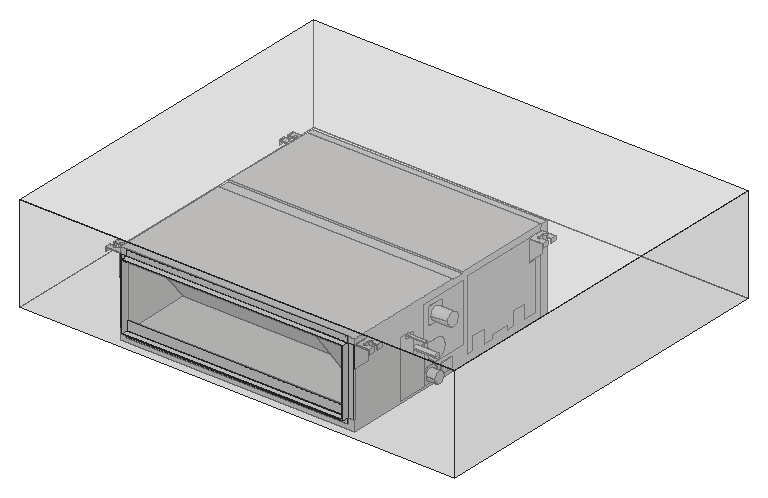
Revit family "outputfile", category 機械設備, Revit 2024
Family settings
  丸型コネクタ寸法 = 半径を使用
  パーツ タイプ = 標準
  OmniClass 番号 = 23.75.10.24.21.27.27
  OmniClass タイトル = Split System Air Conditioning Units
  作業面ベース = いいえ
  常に垂直 = はい
  ロード時にボイドで切り取り = いいえ
  注釈の向きを維持 = いいえ
  共有 = いいえ
  部屋計算ポイント = はい
Parameters (values of type "FDMC50AV1M")
  Description = ""
  書き出し IFC クラス(タイプ) = "IfcUnitaryEquipmentType"
  定義済み IFC タイプ(タイプ) = "AIRCONDITIONINGUNIT"
  Cost = 0
  Type Comments = ""
  Keynote = ""
  Type Image = (empty or 0)
  Assembly Code = ""
  switch_frequency = yes
  connector_voltage = Voltage_50Hz  # 230 V
  connector_powerinput = [Power Input (Cooling)]  # 1.750 kW
  connector_phase = Phase_50Hz  # 1
  URL = ""
  Supply Air Direction [instance] = yes
  製造元 = "Daikin"
  モデル = "FDMC50AV1M"
  w_pipe = 33 mm
  r_Liquid Pipe Size = Liquid Pipe Size / 2  # 3.2 mm
  r_Gas Pipe Size = Gas Pipe Size / 2  # 6.35 mm
  r_Drain Pipe Size = Drain Pipe Size / 2  # 16.0 mm
  lw_powersupply = Width / 2  # 350 mm
  lw_ductflange2 = 662 mm
  lw_Width = 662 mm
  lh_suctionflange [instance] = 100 mm
  ld_suctionflange [instance] = 190 mm
  ld_powersupply = 263 mm
  angle_vertical_RA [instance] = 90.00°
  angle horizontal_RA [instance] = 180.00°
  Voltage_comment_50Hz = "220 - 240"
  Voltage_50Hz = 230 V
  Sound Power Level_H speed (dB) = 0
  RA_length = 190 mm  # constant formula
  Phase_50Hz = 1
  Minimum External Static Pressure = 17.00 Pa
  Minimum Circuit Amps_50Hz = 13.0 A
  Maximum Fuse Amps_50Hz = 16.0 A
  Maximum External Static Pressure = 22.00 Pa
  Material_Casing = DAIKIN_GalvanizedSteel_Casing_indoorunit
  lw_liquidpipe = 407.9 mm
  lw_gaspipe = 417.5 mm
  lw_mountinghole_pitch = 746 mm
  lw_mountinghole = 20 mm
  lw_drainpipe = 376 mm
  lh_powersupply = 43.2 mm
  lh_liquidpipe = 175 mm
  lh_gaspipe = 128 mm
  lh_mountinghole = Height + [h***] - 15 mm  # 235 mm
  lh_drainpipe = 29 mm
  lh_antena = (Height - lh_mountinghole) + 1 mm  # 16 mm
  ld_liquidpipe = 153 mm
  ld_gaspipe = 123 mm
  ld_mountinghole_pitch = 651 mm
  ld_drainpipe = 64 mm
  ld_controlbox = 626 mm
  h*** = 0 mm  # constant formula
  d_dischargeflange = 20 mm  # constant formula
  Width = 700 mm
  Version = "ver.1.0"
  Unit Type = "Duct"
  Unit Mass Weight = 24.00 kg
  Unit Designation [instance] = ""
  Uniclass2015Version = "Products v1.30"
  Uniclass2015Title = "Split coil room air conditioning units"
  Uniclass2015Code = "Pr_70_65_03_86"
  Total Cooling Capacity [instance] = 0.000 kW
  Sound Pressure Level_M speed (dBA) = 37
  Sound Pressure Level_L speed (dBA) = 34
  Sound Pressure Level_H speed (dBA) = 40
  Series = "SkyAir_Fan Coil Unit"
  Sensible Cooling Capacity [instance] = 0.000 kW
  SA Duct Size Width = 662 mm
  SA Duct Size Height = 200 mm
  Refrigerant Type = "R32"
  RA Duct Size Width = 662 mm
  RA Duct Size Height = 214 mm
  Power Input (Cooling) = 1.750 kW
  Option Accessory 3 [instance] = ""
  Option Accessory 2 [instance] = ""
  Option Accessory 1 [instance] = ""
  Nominal Cooling Capacity = 5.420 kW
  Minimum Airflow = 731.00 m³/h
  Median Airflow = 892.00 m³/h
  Maximum Airflow = 1002.00 m³/h
  Load Classification = HVAC
  Liquid Pipe Size = 6.4 mm
  Link_Nested Family [instance] = ""
  IfcVersion = ""
  IfcExportType = "AIRCONDITIONINGUNIT"
  IfcExportAs = "IfcUnitaryEquipmentType"
  Height = 250 mm
  Heat Exchanger Type = "Cross Fin Coil"
  Gas Pipe Size = 12.7 mm
  Frequency_50Hz = 50 Hz
  Fan Type = "Sirocco Fan"
  Fan Drive = "-"
  FCU Tag No. [instance] = ""
  Drain Pipe Size = 32.0 mm
  Design Supply Airflow [instance] = 0.00 m³/h
  Design Return Airflow [instance] = 0.00 m³/h
  Design External Static Pressure [instance] = 0.00 Pa
  Depth = 700 mm
  既定の高さ = 0 mm
  Cooling Entering Wet Bulb Temperature [instance] = 0.00 °C
  Cooling Entering Dry Bulb Temperature [instance] = 0.00 °C
  Cooling Ambient Wet Bulb Temperature [instance] = 0.00 °C
  Cooling Ambient Dry Bulb Temperature [instance] = 0.00 °C
  Clearance visibility [instance] = yes
  Clearance Top = 20 mm
  Clearance Right = 300 mm
  Clearance Rear = 400 mm
  Clearance Left = 300 mm
  Clearance Front = 0 mm
  Clearance Bottom = 20 mm
Reference planes
  plane 1 "Center (Front/Back)": y = 0
  plane 2: z = 0
  plane 3 "Center (Left/Right)": x = 0
  plane 4 "Back": y = 350
  plane 5 "Front": y = -350
  plane 6 "Left": x = -350
  plane 7 "Right": x = 350
  plane 8 "Top": z = 0
  plane 9 "Bottom": z = -250
  plane 10: x = 331
  plane 11: x = -330.2
  plane 12: z = -72
  plane 13: z = -75
  plane 14: z = -122
  plane 15: x = -304
  plane 16: x = 304
  plane 17: x = -373
  plane 18: x = 373
  plane 19: x = 407.9
  plane 20: x = 417.5
  plane 21: z = -15
  plane 22 "Clearance Left": x = -650
  plane 23 "Clearance Right": x = 650
  plane 24 "Clearance Rear": y = 750
  plane 25 "Clearance Front": y = -350
  plane 26 "Clearance Bottom": z = -270
  plane 27: z = -21
  plane 28: z = -221
  plane 29: y = -123
  plane 30: y = -153
  plane 31: y = -30
  plane 32: y = -64
  plane 33: z = -118
  plane 34: y = -349.2
  plane 35: z = -150
  plane 36: y = 160
  plane 37: z = -151
  plane 38: x = 376
  plane 39: x = 345
  plane 40: x = 215.5
  plane 41: z = 102.5
  plane 42: y = 325.5
  plane 43: y = -325.5
  plane 44: y = 17.5
  plane 45: y = 57
  plane 46: x = 353.2
  plane 47: x = 355.2
  plane 48: y = -370
  plane 49: y = 390
  plane 50: z = -125
  plane 51: z = -70.5
  plane 52: z = -75.133
  plane 53: z = -75.5
  plane 54: z = -126.5
  plane 55: z = -239.8
  plane 56: z = -22.5
  plane 57: z = -192.5
  plane 58: z = -16
  plane 59 "Clearance Top": z = 20
  plane 60: z = -206.8
  plane 61: y = 263
  plane 62: y = -200
  plane 63: y = -300
  plane 64: y = -140
Forms (mm)
  Extrusion 1, solid, material "DAIKIN_GalvanizedSteel_Casing_indoorunit" <- "Material_Casing"
    sketch origin (0, 0, 0) x (1, 0, 0) y (0, 1, 0)
      loop
        line (-350, -349.2) -> (350, -349.2) -> (350, 350) -> (-350, 350) -> (-350, -349.2)
    from -250 to 0
  Extrusion 2, void
    sketch origin (0, 0, 1) x (1, 0, 0) y (0, 1, 0)
      loop
        line (-350, 57) -> (-350, 17.5) -> (350, 17.5) -> (350, 57) -> (-350, 57)
    from -1 to -5
  Extrusion 3, void
    sketch origin (0, 0, 0) x (0, 1, 0) y (0, 0, 1)
      loop
        line (-91.914, -222) -> (-91.914, -246.5) -> (-36.314, -246.5) -> (-36.314, -219.481)
        arc (-36.314, -219.481) -> (-65.261, -194.229) -> (-91.8, -222) r 27.8
    from 350 to 345
  Revolve 4, solid, material "DAIKIN_GalvanizedSteel_Casing_indoorunit" <- "Material_Casing"
    sketch origin (0, 0, -122) x (0, -1, 0) y (1, 0, 0)
      loop
        line (116.65, 350) -> (123, 350) -> (123, 417.5) -> (116.65, 417.5) -> (116.65, 350)
      axis (123, 350) -> (123, 417.5)
    angle from 0 to 360
  Revolve 5, solid, material "DAIKIN_GalvanizedSteel_Casing_indoorunit" <- "Material_Casing"
    sketch origin (0, 0, -75) x (0, -1, 0) y (1, 0, 0)
      loop
        line (153, 350) -> (153, 407.9) -> (149.8, 407.9) -> (149.8, 350) -> (153, 350)
      axis (153, 407.9) -> (153, 350)
    angle from 0 to 360
  Extrusion 6, solid, material "DAIKIN_GalvanizedSteel_Casing_indoorunit" <- "Material_Casing"
    sketch origin (0, 0, 0) x (0, 1, 0) y (0, 0, 1)
      loop
        circle (-64, -221) r 16
    from 376 to 350
  Extrusion 7, solid, material "DAIKIN_GalvanizedSteel_Casing_indoorunit" <- "Material_Casing"
    sketch origin (0, 0, 0) x (0, 1, 0) y (0, 0, 1)
      loop
        line (-180, -70.5) -> (-180, -239.8) -> (-95, -239.8) -> (-95, -126.5) -> (-107, -126.5)
        arc (-107, -126.5) -> (-121.5, -141) -> (-136, -126.5) r 14.5
        line (-136, -126.5) -> (-136, -75.5) -> (-141.006, -75.5)
        arc (-141.006, -75.5) -> (-153.184, -87.131) -> (-165, -75.133) r 12
        line (-165, -75.133) -> (-165, -70.5) -> (-180, -70.5)
      loop
        line (-92, -22.5) -> (-92, -192.5) -> (54, -192.5) -> (54, -22.5) -> (-92, -22.5)
      loop
        line (71, -16) -> (71, -224.802) -> (87.805, -224.802) -> (87.805, -184.607) -> (134.195, -184.606) -> (134.195, -224.802) -> (161, -224.802) -> (161, -212.302) -> (221, -212.303) -> (221, -224.802) -> (239.805, -224.802) -> (239.805, -184.606) -> (286.195, -184.606) -> (286.195, -224.802) -> (321.994, -224.802) -> (321.994, -82) -> (298.5, -82) -> (298.5, -16) -> (71, -16)
    from 350 to 353.2
  Extrusion 8, solid, material "DAIKIN_GalvanizedSteel_Casing_indoorunit" <- "Material_Casing"
    sketch origin (0, 0, 0) x (0, 1, 0) y (0, 0, 1)
      loop
        line (-27.5, -74.5) -> (-27.5, -41.5)
        arc (-27.5, -41.5) -> (-30.136, -35.136) -> (-36.5, -32.5) r 9
        line (-36.5, -32.5) -> (-69.5, -32.5)
        arc (-69.5, -32.5) -> (-75.864, -35.136) -> (-78.5, -41.5) r 9
        line (-78.5, -41.5) -> (-78.5, -74.5)
        arc (-78.5, -74.5) -> (-75.864, -80.864) -> (-69.5, -83.5) r 9
        line (-69.5, -83.5) -> (-36.5, -83.5)
        arc (-36.5, -83.5) -> (-30.136, -80.864) -> (-27.5, -74.5) r 9
      loop
        arc (8, -234.5) -> (9.415, -233.914) -> (10.001, -232.499) r 2.001
        line (10.001, -232.499) -> (9.997, -206.503)
        arc (9.997, -206.503) -> (9.412, -205.091) -> (8, -204.506) r 1.997
        line (8, -204.506) -> (-25.997, -204.506)
        arc (-25.997, -204.506) -> (-27.415, -205.094) -> (-28.002, -206.511) r 2.005
        line (-28.002, -206.511) -> (-28.002, -232.499)
        arc (-28.002, -232.499) -> (-27.416, -233.914) -> (-26.001, -234.5) r 2.001
        line (-26.001, -234.5) -> (8, -234.5)
      loop
        arc (-77.358, -152.358) -> (-25.548, -177.591) -> (-59.394, -130.95) r 29.7
        arc (-59.394, -130.95) -> (-62.843, -131.688) -> (-66.339, -131.219) r 10.3
        line (-66.339, -131.219) -> (-72.946, -129.136)
        arc (-72.946, -129.136) -> (-80.627, -131.374) -> (-81.498, -139.327) r 7.2
        line (-81.498, -139.327) -> (-78.299, -145.472)
        arc (-78.299, -145.472) -> (-77.23, -148.833) -> (-77.358, -152.358) r 10.3
    from 350 to 355.2
  Extrusion 9, solid, material "DAIKIN_GalvanizedSteel_Casing_indoorunit" <- "Material_Casing"
    sketch origin (0, 0, 0) x (0, 1, 0) y (0, 0, 1)
      loop
        circle (-53, -58) r 18.9
    from 350 to 407.9
  Extrusion 10, void
    sketch origin (0, 0, 0) x (0, 1, 0) y (0, 0, 1)
      loop
        line (-350, -18.8) -> (-350, -217.2) -> (-200, -217.2) -> (-349.2, -18.8) -> (-350, -18.8)
    from -330.2 to 331
  Extrusion 11, void
    sketch origin (0, 0, 0) x (0, 1, 0) y (0, 0, 1)
      loop
        line (-350, -18.8) -> (-350, -217.2) -> (-140, -217.2) -> (-300, -18.8) -> (-350, -18.8)
    from -330.2 to 215.5
Cuts and joins
  Extrusion 2, Extrusion 3, Extrusion 10, Extrusion 11 cuts Extrusion 1
  joined: Extrusion 7, Extrusion 8, Extrusion 9
Dimensions and locks
  "Height": plane 8 "Top" to plane 9 "Bottom"
  equal spacing: plane 15, plane 3 "Center (Left/Right)", plane 16, locked at 304 each
  locked: plane 15 to plane 16 at 608
  equal spacing: plane 17, plane 3 "Center (Left/Right)", plane 18
  "lw_mountinghole_pitch": plane 17 to plane 18
  locked: plane 12 to plane 9 "Bottom" at 178
  "lh_liquidpipe": plane 13 to plane 9 "Bottom"
  "lh_gaspipe": plane 14 to plane 9 "Bottom"
  "lh_mountinghole": plane 21 to plane 9 "Bottom"
  equal spacing: plane 6 "Left", plane 3 "Center (Left/Right)", plane 7 "Right"
  "Width": plane 6 "Left" to plane 7 "Right"
  "Clearance Right": plane 7 "Right" to plane 23 "Clearance Right"
  "Clearance Left": plane 22 "Clearance Left" to plane 6 "Left"
  "Clearance Rear": plane 24 "Clearance Rear" to plane 4 "Back"
  "Clearance Front": plane 5 "Front" to plane 25 "Clearance Front"
  locked: plane 8 "Top" to plane 27 at 21
  "Depth": plane 4 "Back" to plane 5 "Front"
  equal spacing: plane 4 "Back", plane 1 "Center (Front/Back)", plane 5 "Front"
  "ld_suctionflange": plane 4 "Back" to plane 36
  locked: plane 37 to plane 9 "Bottom" at 99
  plane 7 "Right" to plane 40 = 134.5 mm
  "r_Gas Pipe Size": nested 6 to Revolve 4 sketch curve
  "r_Liquid Pipe Size": nested 5 to Revolve 5 sketch curve
  equal spacing: plane 42, plane 1 "Center (Front/Back)", plane 43
  "ld_mountinghole_pitch": plane 42 to plane 43
  locked: plane 33 to plane 9 "Bottom" at 132
  "lw_liquidpipe": plane 3 "Center (Left/Right)" to plane 19
  "lw_gaspipe": plane 3 "Center (Left/Right)" to plane 20
  "lw_drainpipe": plane 3 "Center (Left/Right)" to plane 38
  "ld_drainpipe": plane 32 to plane 1 "Center (Front/Back)"
  "ld_gaspipe": plane 29 to plane 1 "Center (Front/Back)"
  "ld_liquidpipe": plane 30 to plane 1 "Center (Front/Back)"
  "lh_drainpipe": plane 28 to plane 9 "Bottom"
  locked: plane 7 "Right" to plane 46 at 3.2
  locked: plane 46 to plane 47 at 2
  equal spacing: plane 8 "Top", plane 50, plane 9 "Bottom"
  plane 51 to plane 52 to plane 53 to plane 54 to plane 55 = 4.633 mm locked, 0.367 mm locked, 51 mm locked, 113.3 mm locked
  plane 8 "Top" to plane 56 to plane 57 = 22.5 mm locked, 170 mm locked
  locked: plane 8 "Top" to plane 58 at 16
  locked: plane 40 to plane 10 at 115.5
  locked: plane 17 to plane 11 at 42.8
  locked: plane 39 to plane 7 "Right" at 5
  "Clearance Top": plane 59 "Clearance Top" to plane 8 "Top"
  "Clearance Bottom": plane 9 "Bottom" to plane 26 "Clearance Bottom"
  "lh_powersupply": plane 60 to plane 9 "Bottom"
  "ld_powersupply": plane 61 to plane 1 "Center (Front/Back)"
  locked: plane 34 to plane 5 "Front" at 0.8
  locked: plane 5 "Front" to plane 48 at 20
  locked: plane 5 "Front" to plane 62 at 150
  plane 5 "Front" to plane 63 to plane 64 = 50 mm locked, 160 mm locked
  "r_Drain Pipe Size": radius of Extrusion 6 sketch curve
  aligned and locked: level to plane 2
  aligned and locked: Extrusion 1 to plane 9 "Bottom"
  aligned and locked: plane 8 "Top" to Extrusion 1
  aligned and locked: Revolve 4 sketch curve to Revolve 4 sketch curve
  aligned and locked: plane 19 to nested 5
  aligned and locked: nested 5 to plane 13
  aligned and locked: plane 18 to nested 2
  aligned and locked: plane 17 to nested 3
  aligned and locked: plane 17 to nested 4
  aligned and locked: nested 6 to plane 14
  aligned and locked: plane 29 to nested 6
  aligned and locked: plane 30 to nested 5
  aligned and locked: Extrusion 6 sketch curve to plane 32
  aligned and locked: plane 8 "Top" to Extrusion 2
  aligned and locked: plane 24 "Clearance Rear" to nested 11
  aligned and locked: plane 23 "Clearance Right" to nested 11
  aligned and locked: plane 22 "Clearance Left" to nested 11
  aligned and locked: nested 11 to plane 25 "Clearance Front"
  aligned and locked: plane 7 "Right" to cut or joined group of Extrusion 1, Extrusion 2, Extrusion 3, Extrusion 10, Extrusion 11  (x3)
  aligned and locked: cut or joined group of Extrusion 1, Extrusion 2, Extrusion 3, Extrusion 10, Extrusion 11 to plane 39
  aligned and locked: plane 38 to Extrusion 6
  aligned and locked: plane 20 to nested 6
  aligned and locked: plane 3 "Center (Left/Right)" to nested 12
  aligned and locked: plane 18 to nested 1
  aligned and locked: plane 32 to nested 7
  aligned and locked: nested 7 to plane 28
  aligned and locked: plane 38 to nested 7
  aligned and locked: nested 9 to plane 1 "Center (Front/Back)"
  aligned and locked: plane 3 "Center (Left/Right)" to nested 9
  aligned and locked: plane 33 to nested 8
  aligned and locked: level to plane 8 "Top"
  aligned and locked: nested 1 to plane 42
  aligned and locked: nested 2 to plane 43
  aligned and locked: nested 4 to plane 42
  aligned and locked: nested 3 to plane 43
  aligned and locked: plane 21 to nested 12
  aligned and locked: cut or joined group of Extrusion 1, Extrusion 2, Extrusion 3, Extrusion 10, Extrusion 11 to plane 34
  aligned and locked: nested 13 to plane 33
  aligned and locked: Extrusion 2 sketch curve to plane 6 "Left"
  aligned and locked: plane 7 "Right" to Extrusion 2 sketch curve
  aligned and locked: plane 44 to Extrusion 2 sketch curve
  aligned and locked: plane 45 to Extrusion 2 sketch curve
  aligned and locked: plane 3 "Center (Left/Right)" to nested 10
  aligned and locked: nested 10 to plane 4 "Back"
  aligned and locked: plane 46 to Extrusion 7
  aligned and locked: Extrusion 7 to plane 7 "Right"
  aligned and locked: Extrusion 8 to plane 7 "Right"
  aligned and locked: plane 47 to Extrusion 8
  aligned and locked: plane 19 to Extrusion 9
  aligned and locked: Extrusion 9 to plane 7 "Right"
  aligned and locked: nested 8 to plane 48
  aligned and locked: plane 49 to nested 14
  aligned and locked: nested 14 to plane 3 "Center (Left/Right)"
  aligned and locked: nested 14 to plane 50
  aligned and locked: plane 54 to Extrusion 7 sketch curve  (x2)
  aligned and locked: plane 52 to Extrusion 7 sketch curve
  aligned and locked: plane 56 to Extrusion 7 sketch curve
  aligned and locked: plane 57 to Extrusion 7 sketch curve
  aligned and locked: plane 58 to Extrusion 7 sketch curve
  aligned and locked: plane 3 "Center (Left/Right)" to nested 13
  aligned and locked: plane 59 "Clearance Top" to nested 11
  aligned and locked: nested 11 to plane 26 "Clearance Bottom"
  aligned and locked: plane 7 "Right" to nested 15
  aligned and locked: nested 15 to plane 60
  aligned and locked: plane 34 to nested 13
  aligned and locked: plane 5 "Front" to Extrusion 10 sketch curve
  aligned and locked: cut or joined group of Extrusion 1, Extrusion 2, Extrusion 3, Extrusion 10, Extrusion 11 to plane 11  (x2)
  aligned and locked: plane 10 to cut or joined group of Extrusion 1, Extrusion 2, Extrusion 3, Extrusion 10, Extrusion 11
  aligned and locked: Extrusion 11 sketch curve to plane 5 "Front"
  aligned and locked: plane 63 to Extrusion 11 sketch curve
  aligned and locked: plane 64 to Extrusion 11 sketch curve
  aligned and locked: cut or joined group of Extrusion 1, Extrusion 2, Extrusion 3, Extrusion 10, Extrusion 11 to plane 40
  aligned and locked: Extrusion 6 to plane 7 "Right"
  aligned and locked: Revolve 4 to plane 7 "Right"
  aligned and locked: Revolve 5 to plane 7 "Right"
Automatic sketch dimensions
  Extrusion 1 sketch curve to plane 4 "Back" = 0 mm
  Extrusion 1 sketch curve to plane 6 "Left" = 0 mm
  Extrusion 1 sketch curve to plane 7 "Right" = 0 mm
  plane 34 to Extrusion 1 sketch curve = 0 mm
  Extrusion 6 sketch curve to plane 28 = 0 mm
  Revolve 4 sketch curve to plane 20 = 0 mm
  Revolve 4 sketch curve to plane 29 = 0 mm
  Revolve 4 sketch curve to Revolve 4 sketch curve = 2.003 mm
  plane 20 to Revolve 4 sketch curve = 1.003 mm
  Revolve 5 sketch curve to plane 30 = 0 mm  (x2)
  Revolve 5 sketch curve to plane 19 = 0 mm  (x2)
  Revolve 5 sketch curve to plane 7 "Right" = 0 mm
  Revolve 5 sketch curve to Revolve 5 sketch curve = 1 mm
  Revolve 4 sketch curve to plane 7 "Right" = 0 mm
  plane 9 "Bottom" to Extrusion 3 sketch curve = 3.5 mm
  Extrusion 3 sketch curve to plane 31 = 6.314 mm
  Extrusion 3 sketch curve to plane 28 = 1 mm  (x2)
  plane 32 to Extrusion 3 sketch curve = 0 mm
  Extrusion 3 sketch curve to Extrusion 3 sketch curve = 0.114 mm
  Extrusion 8 sketch curve to plane 32 = 14.5 mm
  plane 13 to Extrusion 8 sketch curve = 0.5 mm  (x2)
  Extrusion 8 sketch curve to plane 32 = 5.5 mm  (x2)
  Extrusion 8 sketch curve to plane 31 = 6.5 mm  (x2)
  Extrusion 8 sketch curve to plane 27 = 20.5 mm
  plane 31 to Extrusion 8 sketch curve = 1.998 mm
  Extrusion 8 sketch curve to Extrusion 8 sketch curve = 2.001 mm  (x2)
  Extrusion 8 sketch curve to Extrusion 8 sketch curve = 2.005 mm
  Extrusion 8 sketch curve to plane 1 "Center (Front/Back)" = 8 mm  (x2)
  plane 28 to Extrusion 8 sketch curve = 16.494 mm
  Extrusion 8 sketch curve to Extrusion 8 sketch curve = 1.994 mm
  Extrusion 8 sketch curve to Extrusion 8 sketch curve = 1.997 mm
  Extrusion 8 sketch curve to plane 32 = 17.498 mm
  Extrusion 8 sketch curve to plane 35 = 0.228 mm
  Extrusion 8 sketch curve to Extrusion 8 sketch curve = 5.937 mm
  plane 35 to Extrusion 8 sketch curve = 4.528 mm
  Extrusion 8 sketch curve to Extrusion 8 sketch curve = 3.199 mm
  Extrusion 8 sketch curve to Extrusion 8 sketch curve = 6.386 mm
  Extrusion 8 sketch curve to plane 14 = 7.136 mm
  Extrusion 8 sketch curve to Extrusion 8 sketch curve = 2.165 mm
  Extrusion 8 sketch curve to plane 32 = 2.339 mm
  plane 32 to Extrusion 8 sketch curve = 0.758 mm
  Extrusion 8 sketch curve to plane 37 = 7.5 mm
  plane 32 to Extrusion 8 sketch curve = 15.7 mm
  Extrusion 8 sketch curve to Extrusion 8 sketch curve = 6.145 mm
  Extrusion 8 sketch curve to Extrusion 8 sketch curve = 2.083 mm
  plane 14 to Extrusion 8 sketch curve = 0.604 mm
  Extrusion 8 sketch curve to Extrusion 8 sketch curve = 0 mm
  plane 32 to Extrusion 9 sketch curve = 11 mm
  plane 12 to Extrusion 9 sketch curve = 14 mm
  Extrusion 7 sketch curve to plane 30 = 0 mm
  Extrusion 7 sketch curve to plane 30 = 27 mm
  Extrusion 7 sketch curve to plane 13 = 0.5 mm
  Extrusion 7 sketch curve to Extrusion 7 sketch curve = 5.006 mm
  plane 12 to Extrusion 7 sketch curve = 1.5 mm
  Extrusion 7 sketch curve to Extrusion 7 sketch curve = 12 mm
  Extrusion 7 sketch curve to plane 30 = 12 mm
  plane 29 to Extrusion 7 sketch curve = 1.5 mm
  Extrusion 7 sketch curve to plane 32 = 28 mm
  Extrusion 7 sketch curve to Extrusion 7 sketch curve = 17 mm
  Extrusion 7 sketch curve to plane 28 = 3.802 mm  (x8)
  Extrusion 7 sketch curve to plane 42 = 27 mm
  Extrusion 7 sketch curve to plane 42 = 3.506 mm  (x2)
  Extrusion 7 sketch curve to plane 53 = 6.5 mm
  plane 57 to Extrusion 7 sketch curve = 7.893 mm
  Extrusion 7 sketch curve to Extrusion 7 sketch curve = 0 mm  (x2)
  plane 57 to Extrusion 7 sketch curve = 7.894 mm  (x2)
  plane 36 to Extrusion 7 sketch curve = 1 mm  (x2)
  plane 28 to Extrusion 7 sketch curve = 8.697 mm
  Extrusion 3 sketch curve to Extrusion 3 sketch curve = 27.914 mm
  Extrusion 7 sketch curve to plane 55 = 0 mm
  Extrusion 8 sketch curve to plane 28 = 11.499 mm
  Extrusion 7 sketch curve to Extrusion 7 sketch curve = 60 mm
  Extrusion 10 sketch curve to plane 34 = 0 mm
  plane 28 to Extrusion 10 sketch curve = 3.8 mm
  plane 27 to Extrusion 10 sketch curve = 2.2 mm
  Extrusion 10 sketch curve to plane 30 = 47 mm
  plane 28 to Extrusion 11 sketch curve = 3.8 mm
  plane 27 to Extrusion 11 sketch curve = 2.2 mm
  radius of Extrusion 9 sketch curve = 18.9 mm
Nested families
  nested 1: "daikin_mountinghole" at (373, 325.5, -250), l_antenna <- "lh_antena", Link_Nested Family <- "Link_Nested Family", h_mountinghole <- "lh_mountinghole", type "daikin_mountinghole"
    with show yes, l_antenna 16 mm, h_mountinghole 235 mm, Link_Nested Family ""
  nested 2: "daikin_mountinghole" at (373, -325.5, -250), Link_Nested Family <- "Link_Nested Family", l_antenna <- "lh_antena", h_mountinghole <- "lh_mountinghole", type "daikin_mountinghole"
    with show yes, l_antenna 16 mm, h_mountinghole 235 mm, Link_Nested Family ""
  nested 3: "daikin_mountinghole" at (-373, -325.5, -250), l_antenna <- "lh_antena", Link_Nested Family <- "Link_Nested Family", h_mountinghole <- "lh_mountinghole", type "daikin_mountinghole"
    with show yes, l_antenna 16 mm, h_mountinghole 235 mm, Link_Nested Family ""
  nested 4: "daikin_mountinghole" at (-373, 325.5, -250), l_antenna <- "lh_antena", Link_Nested Family <- "Link_Nested Family", h_mountinghole <- "lh_mountinghole", type "daikin_mountinghole"
    with show yes, l_antenna 16 mm, h_mountinghole 235 mm, Link_Nested Family ""
  nested 5: "daikin_connector_rotate2" at (0, -153, -75) x (0, 1, 0) z (0, 0, 1), length <- "lw_liquidpipe", built-in parameter 1001364 <- "lh_liquidpipe", radius <- "r_Liquid Pipe Size", type "daikin_connector_rotate2"
    with radius 3.2 mm, length 407.9 mm, angle_vertical 90.00°
  nested 6: "daikin_connector_rotate2" at (0, -123, -122) x (0, 1, 0) z (0, 0, 1), length <- "lw_gaspipe", built-in parameter 1001364 <- "lh_gaspipe", radius <- "r_Gas Pipe Size", type "daikin_connector_rotate2"
    with radius 6.35 mm, length 417.5 mm, angle_vertical 90.00°
  nested 7: "daikin_connector_rotate2" at (0, -64, -221) x (0, 1, 0) z (0, 0, 1), built-in parameter 1001364 <- "lh_drainpipe", length <- "lw_drainpipe", radius <- "r_Drain Pipe Size", type "daikin_connector_rotate2"
    with radius 16 mm, length 376 mm, angle_vertical 90.00°
  nested 8: "daikin_connector_rotate2" at (0, -350, -118), length <- "d_dischargeflange", type "daikin_connector_rotate2"
    with radius 10 mm, length 20 mm, angle_vertical 90.00°
  nested 9: "daikin_△_symbolicline" at (-75, -129.904, 250) x (-0.5, 0.866, 0) z (0, 0, 1), built-in parameter 1001364 <- "Height", visible <- "Supply Air Direction", type "daikin_△_symbolicline"
    with length 300 mm
  nested 10: "daikin_ductflange_FDMC-AV1M_1" at (0, 350, -125), material <- "Material_Casing", width <- "lw_ductflange2", type "daikin_ductflange_FDMC-AV1M_1"
    with width 662 mm, material DAIKIN_GalvanizedSteel_Casing_indoorunit, height 214 mm, depth 40 mm
  nested 11: "daikin_clearancespace" at (0, 200, -124.881), visible <- "Clearance visibility", show <- "Clearance visibility", Link_Nested Family <- "Link_Nested Family", type "daikin_clearancespace"
    with width 1300 mm, show yes, height 290 mm, depth 1100 mm, Link_Nested Family ""
  nested 12: "daikin_hangerfixture_FDMC-AV1M" at (0, 0, -15), type "daikin_hangerfixture_FDMC-AV1M"
  nested 13: "daikin_ductflange_FDMC-AV1M" at (0, -35.7, -407.401), width <- "lw_Width", material <- "Material_Casing", type "daikin_ductflange_FDMC-AV1M"
    with width 662 mm, material DAIKIN_GalvanizedSteel_Casing_indoorunit, height 200 mm, depth 20.8 mm
  nested 14: "daikin_connector_rotate2" at (0, 350, -125) x (-1, 0, 0) z (0, 0, 1), type "daikin_connector_rotate2"
    with radius 10 mm, length 40 mm, angle_vertical 90.00°
  nested 15: "daikin_connector_rotate2" at (0, 263, -206.8) x (0, 1, 0) z (0, 0, 1), length <- "lw_powersupply", built-in parameter 1001364 <- "lh_powersupply", type "daikin_connector_rotate2"
    with radius 10 mm, length 350 mm, angle_vertical 90.00°
Connectors
  piping at (417.5, -123, -122), diameter 12.7, driven by "r_Gas Pipe Size"
    settings: on nested 6, index 1, connector inside diameter 609.6 mm, connector length 0 mm, flow factor 0, pipe flow 0.00 m³/h, pressure drop 0.0 Pa, fitting loss kfactor 0, connector angle 0.00°, fixture units 0, engagement length 0 mm, angle of deflection 0.00°, flow configuration 1, flow direction 2, fitting loss method 0, system type 29, joint type 0, gender type 0, connector reference index -1, connector utility 0, adjustable connector no, is connector primary yes, connector description "Refrigerant Gas Piping"
  piping at (407.9, -153, -75), diameter 6.4, driven by "r_Liquid Pipe Size"
    settings: on nested 5, index 2, connector inside diameter 609.6 mm, connector length 0 mm, flow factor 0, pipe flow 0.00 m³/h, pressure drop 0.0 Pa, fitting loss kfactor 0, connector angle 0.00°, fixture units 0, engagement length 0 mm, angle of deflection 0.00°, flow configuration 1, flow direction 1, fitting loss method 0, system type 29, joint type 0, gender type 0, connector reference index -1, connector utility 0, adjustable connector no, is connector primary no, connector description "Refrigerant Liquid Piping"
  piping at (376, -64, -221), diameter 32, driven by "r_Drain Pipe Size"
    settings: on nested 7, index 3, connector inside diameter 609.6 mm, connector length 0 mm, flow factor 0, pipe flow 0.00 m³/h, pressure drop 0.0 Pa, fitting loss kfactor 0, connector angle 0.00°, fixture units 0, engagement length 0 mm, angle of deflection 0.00°, flow configuration 1, flow direction 2, fitting loss method 4, system type 16, joint type 0, gender type 0, connector reference index -1, connector utility 0, adjustable connector no, is connector primary no, connector description "Condensate Drain Piping"
  hvac at (0, -370, -118), driven by "SA Duct Size Height", driven by "SA Duct Size Width"
    settings: on nested 8, index 7, duct flow 0.00 m³/h, flow factor 0, pres drop 0.00 Pa, loss coef 0, conn angle 0.00°, conn width 662.0 mm, conn height 200.0 mm, conn diameter 609.6 mm, duct sys type 1, conn prof type 1, flow config 0, flow direction 2, loss method 4, conn ref index -1, conn util no, is conn primary yes, conn desc "SA Duct"
  hvac at (0, 390, -125), driven by "RA Duct Size Width", driven by "RA Duct Size Height"
    settings: on nested 14, index 8, duct flow 0.00 m³/h, flow factor 0, pres drop 0.00 Pa, loss coef 0, conn angle 0.00°, conn width 662.0 mm, conn height 214.0 mm, conn diameter 609.6 mm, duct sys type 2, conn prof type 1, flow config 0, flow direction 1, loss method 4, conn ref index -1, conn util no, is conn primary no, conn desc "RA Duct"
  electrical at (350, 263, -206.8), driven by "Load Classification", driven by "connector_powerinput", driven by "connector_voltage", driven by "connector_phase"
    settings: on nested 15, index 9, voltage 230 V, apparent load 1750 VA, apparent load phase1 0 VA, apparent load phase2 0 VA, apparent load phase3 0 VA, power factor 1, load classification "HVAC", number of poles 1, system type 30, power factor state 1, is connector primary yes, connector utility no, sub classification motor no, connector description "Power Supply"
Definition of nested family "daikin_ductflange_FDMC-AV1M_1"
  Parameters (values of type "daikin_ductflange_FXDQ-NDVET2")
    width [instance] = 662 mm
    material [instance] = none
    height [instance] = 214 mm
    depth [instance] = 40 mm
    Default Elevation = 0 mm
  Reference planes
    plane 1 "Center (Front/Back)": y = 0
    plane 2: z = 0
    plane 3 "Center (Left/Right)": x = 0
    plane 4: x = -331
    plane 5: x = 331
    plane 6: z = 107
    plane 7: z = -107
    plane 8: x = -350
    plane 9: x = 350
    plane 10: z = 124
    plane 11: z = -124
    plane 12: y = 20
    plane 13: x = -330.2
    plane 14: x = 330.2
    plane 15: z = 106.2
    plane 16: z = -106.2
    plane 17: y = 40
    plane 18: x = -330.2
    plane 19: z = 106.2
    plane 20: z = -106.2
    plane 21: x = 330.2
  Forms (mm)
    Extrusion 1, solid, material <- "material"
      sketch origin (0, 0, 0) x (1, 0, 0) y (0, 0, 1)
        loop
          line (-330.2, 106.2) -> (-330.2, -106.2) -> (330.2, -106.2) -> (330.2, 106.2) -> (-330.2, 106.2)
        loop
          line (-350, 124) -> (-350, -124) -> (350, -124) -> (350, 124) -> (-350, 124)
      from 0 to -20
    Extrusion 2, solid, material <- "material"
      sketch origin (0, 0, 0) x (1, 0, 0) y (0, 0, 1)
        loop
          line (-331, 107) -> (-331, -107) -> (331, -107) -> (331, 107) -> (-331, 107)
        loop
          line (-330.2, 106.2) -> (-330.2, -106.2) -> (330.2, -106.2) -> (330.2, 106.2) -> (-330.2, 106.2)
      from -40 to -20
  Cuts and joins
    joined: Extrusion 1, Extrusion 2
  Dimensions and locks
    equal spacing: plane 5, plane 3 "Center (Left/Right)", plane 4
    "width": plane 5 to plane 4
    equal spacing: plane 6, level, plane 7
    "height": plane 6 to plane 7
    locked: plane 4 to plane 8 at 19
    locked: plane 9 to plane 5 at 19
    locked: plane 10 to plane 6 at 17
    locked: plane 7 to plane 11 at 17
    locked: plane 1 "Center (Front/Back)" to plane 12 at 20
    locked: plane 13 to plane 4 at 0.8
    locked: plane 5 to plane 14 at 0.8
    locked: plane 6 to plane 15 at 0.8
    locked: plane 16 to plane 7 at 0.8
    locked: plane 12 to plane 17 at 20
    locked: plane 18 to plane 4 at 0.8
    locked: plane 5 to plane 21 at 0.8
    locked: plane 6 to plane 19 at 0.8
    locked: plane 20 to plane 7 at 0.8
    locked: plane 1 "Center (Front/Back)" to plane 17 at 40
    aligned and locked: level to plane 2
    aligned and locked: Extrusion 1 sketch curve to plane 10
    aligned and locked: plane 8 to Extrusion 1 sketch curve
    aligned and locked: Extrusion 1 sketch curve to plane 9
    aligned and locked: Extrusion 1 to plane 12
    aligned and locked: plane 1 "Center (Front/Back)" to Extrusion 1
    aligned and locked: Extrusion 1 sketch curve to plane 15
    aligned and locked: plane 13 to Extrusion 1 sketch curve
    aligned and locked: plane 16 to Extrusion 1 sketch curve
    aligned and locked: plane 11 to Extrusion 1 sketch curve
    aligned and locked: Extrusion 1 sketch curve to plane 14
    aligned and locked: Extrusion 2 sketch curve to plane 6
    aligned and locked: plane 4 to Extrusion 2 sketch curve
    aligned and locked: plane 7 to Extrusion 2 sketch curve
    aligned and locked: Extrusion 2 sketch curve to plane 5
    aligned and locked: Extrusion 2 sketch curve to Extrusion 1  (x4)
    aligned and locked: Extrusion 2 to plane 17
    aligned and locked: Extrusion 2 to Extrusion 1
  Automatic sketch dimensions
    Extrusion 1 sketch curve to plane 10 = 0 mm
Definition of nested family "daikin_clearancespace"
  Parameters (values of type "daikin_clearancespace")
    Description = "daikin_clearancespace"
    width [instance] = 1823.963 mm
    show [instance] = yes
    material = none
    height [instance] = 1359.762 mm
    depth [instance] = 880 mm
    Default Elevation = 0 mm
    Link_Nested Family [instance] = ""
  Reference planes
    plane 1 "Center (Front/Back)": y = 0
    plane 2 "Center (Elevation)": z = -0.119
    plane 3 "Center (Left/Right)": x = 0
    plane 4: y = 440
    plane 5: y = -440
    plane 6 "Right": x = 911.982
    plane 7 "Left": x = -911.982
    plane 8 "Top": z = 679.762
    plane 9 "Bottom": z = -680
  Forms (mm)
    Extrusion 1, solid, material <- "material", visible <- "show"
      sketch origin (0, 0, 0) x (1, 0, 0) y (0, 1, 0)
        loop
          line (-911.982, 440) -> (-911.982, -440) -> (911.982, -440) -> (911.982, 440) -> (-911.982, 440)
      from -680 to 679.762
  Lines and regions (mm)
    symbolic lines, visible <- "show"
      curve 1: line (911.982, 440, 0) -> (-911.982, 440, 0)
      curve 2: line (-911.982, 440, 0) -> (-911.982, -440, 0)
      curve 3: line (-911.982, -440, 0) -> (911.982, -440, 0)
      curve 4: line (911.982, -440, 0) -> (911.982, 440, 0)
      curve 5: line (911.982, 0, 679.762) -> (-911.982, 0, 679.762)
      curve 6: line (911.982, 0, -680) -> (911.982, 0, 679.762)
      curve 7: line (-911.982, 0, -680) -> (911.982, 0, -680)
      curve 8: line (-911.982, 0, 679.762) -> (-911.982, 0, -680)
      curve 9: line (0, 440, 679.762) -> (0, -440, 679.762)
      curve 10: line (0, -440, 679.762) -> (0, -440, -680)
      curve 11: line (0, 440, -680) -> (0, 440, 679.762)
      curve 12: line (0, -440, -680) -> (0, 440, -680)
  Dimensions and locks
    "width": plane 7 "Left" to plane 6 "Right"
    "depth": plane 4 to plane 5
    "height": plane 8 "Top" to plane 9 "Bottom"
    equal spacing: plane 7 "Left", plane 3 "Center (Left/Right)", plane 6 "Right"
    equal spacing: plane 4, plane 1 "Center (Front/Back)", plane 5
    equal spacing: plane 8 "Top", plane 2 "Center (Elevation)", plane 9 "Bottom"
    aligned and locked: level to plane 2 "Center (Elevation)"
    aligned and locked: Extrusion 1 sketch curve to plane 4
    aligned and locked: plane 7 "Left" to Extrusion 1 sketch curve
    aligned and locked: Extrusion 1 sketch curve to plane 5
    aligned and locked: Extrusion 1 sketch curve to plane 6 "Right"
    aligned and locked: plane 8 "Top" to Extrusion 1
    aligned and locked: curve 1 to Extrusion 1
    aligned and locked: curve 2 to Extrusion 1
    aligned and locked: curve 3 to Extrusion 1
    aligned and locked: curve 4 to Extrusion 1
    aligned and locked: curve 5 to Extrusion 1
    aligned and locked: curve 6 to Extrusion 1
    aligned and locked: curve 7 to Extrusion 1
    aligned and locked: curve 8 to Extrusion 1
    aligned and locked: curve 9 to Extrusion 1
    aligned and locked: curve 10 to Extrusion 1
    aligned and locked: curve 11 to Extrusion 1
    aligned and locked: curve 12 to Extrusion 1
    aligned and locked: Extrusion 1 to plane 9 "Bottom"
Definition of nested family "daikin_hangerfixture_FDMC-AV1M"
  Parameters (values of type "daikin_hangerfixture_FDMFC-AV1M")
    width = 700 mm
    material = none
    height = 65 mm
    depth = 700 mm
    Default Elevation = 0 mm
  Reference planes
    plane 1 "Center (Front/Back)": y = 0
    plane 2: z = 0
    plane 3 "Center (Left/Right)": x = 0
    plane 4: x = 350
    plane 5: y = 350
    plane 6: y = -350
    plane 7: x = -350
    plane 8: z = -65
    plane 9: y = 325.5
    plane 10: y = -325.5
    plane 11: y = 302
    plane 12: y = -302
    plane 13: x = 373
    plane 14: x = -373
  Forms (mm)
    Extrusion 1, void
      sketch origin (0, 0, 0) x (-1, 0, 0) y (0, -1, 0)
        loop
          arc (366.995, -334.5) -> (373, -340.5) -> (378.995, -334.489) r 6
          line (378.995, -334.489) -> (378.995, -333)
          arc (378.995, -333) -> (379.288, -332.293) -> (379.995, -332) r 1
          line (379.995, -332) -> (394.995, -332) -> (394.995, -319) -> (379.995, -319)
          arc (379.995, -319) -> (379.288, -318.707) -> (378.995, -318) r 1
          line (378.995, -318) -> (378.995, -316.464)
          arc (378.995, -316.464) -> (372.977, -310.5) -> (366.995, -316.5) r 6
          line (366.995, -316.5) -> (366.995, -334.5)
        loop
          line (367.28, 334.5) -> (367.28, 316.5)
          arc (367.28, 316.5) -> (373, 310.507) -> (379.254, 315.94) r 6
          line (379.254, 315.94) -> (379.254, 318)
          arc (379.254, 318) -> (379.547, 318.707) -> (380.254, 319) r 1
          line (380.254, 319) -> (395.254, 319) -> (395.254, 332) -> (380.254, 332)
          arc (380.254, 332) -> (379.547, 332.293) -> (379.254, 333) r 1
          line (379.254, 333) -> (379.254, 334.5)
          arc (379.254, 334.5) -> (373.267, 340.487) -> (367.28, 334.5) r 5.987
      from -254.96 to 618
    Extrusion 2, solid, material <- "material"
      sketch origin (0, 0, 0) x (-1, 0, 0) y (0, 0, 1)
        loop
          line (350, 0) -> (350, -65) -> (352.3, -65) -> (352.3, -2.3) -> (392.7, -2.3) -> (392.7, -12) -> (395, -12) -> (395, 0) -> (350, 0)
      from -349.5 to -301.5
    Extrusion 3, solid, material <- "material"
      sketch origin (0, 0, 0) x (1, 0, 0) y (0, 0, 1)
        loop
          line (350, 0) -> (350, -65) -> (352.3, -65) -> (352.3, -2.3) -> (392.7, -2.3) -> (392.7, -12) -> (395, -12) -> (395, 0) -> (350, 0)
      from -349.5 to -301.5
    Extrusion 4, void
      sketch origin (0, 0, 0) x (1, 0, 0) y (0, 1, 0)
        loop
          line (366.995, 334.5) -> (366.995, 316.5)
          arc (366.995, 316.5) -> (372.977, 310.5) -> (378.995, 316.464) r 6
          line (378.995, 316.464) -> (378.995, 318)
          arc (378.995, 318) -> (379.288, 318.707) -> (379.995, 319) r 1
          line (379.995, 319) -> (394.995, 319) -> (394.995, 332) -> (379.995, 332)
          arc (379.995, 332) -> (379.288, 332.293) -> (378.995, 333) r 1
          line (378.995, 333) -> (378.995, 334.489)
          arc (378.995, 334.489) -> (373, 340.5) -> (366.995, 334.5) r 6
        loop
          arc (367.026, -334.5) -> (373.026, -340.5) -> (379.026, -334.5) r 6
          line (379.026, -334.5) -> (379.026, -333)
          arc (379.026, -333) -> (379.319, -332.293) -> (380.026, -332) r 1
          line (380.026, -332) -> (395.026, -332) -> (395.026, -319) -> (380.026, -319)
          arc (380.026, -319) -> (379.319, -318.707) -> (379.026, -318) r 1
          line (379.026, -318) -> (379.026, -316.448)
          arc (379.026, -316.448) -> (373, -310.5) -> (367.026, -316.5) r 6
          line (367.026, -316.5) -> (367.026, -334.5)
      from -254.96 to 618
    Extrusion 5, solid, material <- "material"
      sketch origin (0, 0, 0) x (1, 0, 0) y (0, 0, -1)
        loop
          line (350, 0) -> (395, 0) -> (395, 12) -> (392.7, 12) -> (392.7, 2.3) -> (352.3, 2.3) -> (352.3, 65) -> (350, 65) -> (350, 0)
      from -349.5 to -301.5
    Extrusion 6, solid, material <- "material"
      sketch origin (0, 0, 0) x (-1, 0, 0) y (0, 0, -1)
        loop
          line (350, 0) -> (395, 0) -> (395, 12) -> (392.7, 12) -> (392.7, 2.3) -> (352.3, 2.3) -> (352.3, 65) -> (350, 65) -> (350, 0)
      from -349.5 to -301.5
  Cuts and joins
    Extrusion 1 cuts Extrusion 2
    Extrusion 4 cuts Extrusion 3
    Extrusion 4 cuts Extrusion 5
    Extrusion 1 cuts Extrusion 6
  Dimensions and locks
    equal spacing: plane 5, plane 1 "Center (Front/Back)", plane 6
    "depth": plane 5 to plane 6
    plane 6 to plane 1 "Center (Front/Back)" to plane 5 = 350 mm, 350 mm
    equal spacing: plane 4, plane 3 "Center (Left/Right)", plane 7
    "width": plane 4 to plane 7
    "height": level to plane 8
    equal spacing: plane 10, plane 1 "Center (Front/Back)", plane 9
    plane 10 to plane 9 = 651 mm
    plane 5 to plane 11 = 48 mm
    plane 12 to plane 6 = 48 mm
    locked: plane 7 to plane 14 at 23
    locked: plane 13 to plane 4 at 23
    plane 14 to plane 13 = 746 mm
    aligned and locked: level to plane 2
  Automatic sketch dimensions
    Extrusion 1 sketch curve to plane 7 = 17.28 mm
    Extrusion 1 sketch curve to plane 7 = 16.995 mm
    Extrusion 1 sketch curve to Extrusion 1 sketch curve = 5.987 mm  (x2)
    Extrusion 1 sketch curve to Extrusion 1 sketch curve = 6 mm  (x5)
    Extrusion 1 sketch curve to Extrusion 1 sketch curve = 5.974 mm
    Extrusion 1 sketch curve to Extrusion 1 sketch curve = 1 mm  (x5)
    plane 9 to Extrusion 1 sketch curve = 6.5 mm
    Extrusion 1 sketch curve to Extrusion 1 sketch curve = 15 mm  (x2)
    plane 10 to Extrusion 1 sketch curve = 6.5 mm
    Extrusion 1 sketch curve to plane 9 = 6.5 mm
    Extrusion 1 sketch curve to Extrusion 1 sketch curve = 1.49 mm
    plane 9 to Extrusion 1 sketch curve = 9 mm
    Extrusion 1 sketch curve to plane 10 = 9.56 mm
    Extrusion 1 sketch curve to Extrusion 1 sketch curve = 2.06 mm
    Extrusion 1 sketch curve to plane 10 = 6.5 mm
    Extrusion 1 sketch curve to Extrusion 1 sketch curve = 1.5 mm
    Extrusion 1 sketch curve to Extrusion 1 sketch curve = 0 mm  (x4)
    Extrusion 2 sketch curve to plane 7 = 0 mm
    Extrusion 2 sketch curve to plane 8 = 0 mm
    Extrusion 2 sketch curve to level = 0 mm
    Extrusion 2 sketch curve to plane 7 = 2.3 mm
    Extrusion 2 sketch curve to level = 2.3 mm
    Extrusion 2 sketch curve to Extrusion 2 sketch curve = 40.4 mm
    Extrusion 2 sketch curve to Extrusion 2 sketch curve = 2.3 mm
    Extrusion 2 sketch curve to Extrusion 2 sketch curve = 9.7 mm
    Extrusion 3 sketch curve to plane 4 = 0 mm
    Extrusion 3 sketch curve to plane 8 = 0 mm
    Extrusion 3 sketch curve to level = 0 mm
    plane 4 to Extrusion 3 sketch curve = 2.3 mm
    Extrusion 3 sketch curve to level = 2.3 mm
    Extrusion 3 sketch curve to Extrusion 3 sketch curve = 40.4 mm
    Extrusion 3 sketch curve to Extrusion 3 sketch curve = 2.3 mm
    Extrusion 3 sketch curve to Extrusion 3 sketch curve = 9.7 mm
    plane 4 to Extrusion 4 sketch curve = 17.026 mm
    plane 4 to Extrusion 4 sketch curve = 16.995 mm
    Extrusion 4 sketch curve to Extrusion 4 sketch curve = 6 mm  (x8)
    Extrusion 4 sketch curve to Extrusion 4 sketch curve = 1 mm  (x6)
    plane 9 to Extrusion 4 sketch curve = 6.5 mm
    Extrusion 4 sketch curve to Extrusion 4 sketch curve = 15 mm  (x2)
    plane 10 to Extrusion 4 sketch curve = 6.5 mm
    Extrusion 4 sketch curve to Extrusion 4 sketch curve = 1.5 mm
    Extrusion 4 sketch curve to plane 10 = 6.5 mm
    Extrusion 4 sketch curve to plane 10 = 9 mm
    Extrusion 4 sketch curve to Extrusion 4 sketch curve = 2.536 mm
    Extrusion 4 sketch curve to plane 9 = 6.5 mm
    Extrusion 4 sketch curve to Extrusion 4 sketch curve = 1.49 mm
    Extrusion 4 sketch curve to Extrusion 4 sketch curve = 0 mm  (x4)
    Extrusion 5 sketch curve to plane 4 = 0 mm
    Extrusion 5 sketch curve to plane 8 = 0 mm
    Extrusion 5 sketch curve to level = 0 mm
    plane 4 to Extrusion 5 sketch curve = 2.3 mm
    Extrusion 5 sketch curve to level = 2.3 mm
    Extrusion 5 sketch curve to Extrusion 5 sketch curve = 40.4 mm
    Extrusion 5 sketch curve to Extrusion 5 sketch curve = 2.3 mm
    Extrusion 5 sketch curve to Extrusion 5 sketch curve = 9.7 mm
    Extrusion 6 sketch curve to plane 7 = 0 mm
    Extrusion 6 sketch curve to plane 8 = 0 mm
    Extrusion 6 sketch curve to level = 0 mm
    Extrusion 6 sketch curve to plane 7 = 2.3 mm
    Extrusion 6 sketch curve to level = 2.3 mm
    Extrusion 6 sketch curve to Extrusion 6 sketch curve = 40.4 mm
    Extrusion 6 sketch curve to Extrusion 6 sketch curve = 2.3 mm
    Extrusion 6 sketch curve to Extrusion 6 sketch curve = 9.7 mm
Definition of nested family "daikin_ductflange_FDMC-AV1M"
  Parameters (values of type "daikin_ductflange_FXDQ-NDVET")
    width [instance] = 962 mm
    material [instance] = none
    height [instance] = 200 mm
    depth [instance] = 20.8 mm
    Default Elevation = 0 mm
  Reference planes
    plane 1 "Center (Front/Back)": y = 0
    plane 2: z = 189.401
    plane 3 "Center (Left/Right)": x = 0
    plane 4: y = -313.5
    plane 5: y = -334.3
    plane 6: z = 389.401
    plane 7: z = 289.401
    plane 8: z = 388.601
    plane 9: z = 190.201
    plane 10: x = -481
    plane 11: x = 481
    plane 12: y = -314.3
    plane 13: x = -480.2
    plane 14: x = 480.2
    plane 15: x = -500
    plane 16: x = 500
  Forms (mm)
    Extrusion 1, solid, material <- "material"
      sketch origin (0, 0, 189.401) x (1, 0, 0) y (0, 1, 0)
        loop
          line (480.2, -334.3) -> (481, -334.3) -> (481, -314.3) -> (500, -314.3) -> (500, -313.5) -> (480.2, -313.5) -> (480.2, -334.3)
        loop
          line (-480.2, -334.3) -> (-480.2, -313.5) -> (-500, -313.5) -> (-500, -314.3) -> (-481, -314.3) -> (-481, -334.3) -> (-480.2, -334.3)
      from 0 to 200
    Extrusion 2, solid, material <- "material"
      sketch origin (0, 0, 0) x (0, 1, 0) y (0, 0, 1)
        loop
          line (-313.5, 388.601) -> (-313.5, 407.401) -> (-314.3, 407.401) -> (-314.3, 389.401) -> (-334.3, 389.401) -> (-334.3, 388.601) -> (-313.5, 388.601)
        loop
          line (-313.5, 190.201) -> (-334.3, 190.201) -> (-334.3, 189.401) -> (-314.3, 189.401) -> (-314.3, 171.401) -> (-313.5, 171.401) -> (-313.5, 190.201)
      from -481 to 481
    Extrusion 3, solid, material <- "material"
      sketch origin (0, 0, 0) x (0, 1, 0) y (0, 0, 1)
        loop
          line (-314.3, 218.401) -> (-314.3, 189.401) -> (-313.5, 189.401) -> (-313.5, 218.401) -> (-314.3, 218.401)
      from -481 to 481
  Cuts and joins
    joined: Extrusion 1, Extrusion 2, Extrusion 3
  Dimensions and locks
    plane 4 to plane 1 "Center (Front/Back)" = 313.5 mm
    "depth": plane 5 to plane 4
    equal spacing: plane 6, plane 7, level
    plane 6 to plane 8 = 0.8 mm
    locked: plane 9 to level at 0.8
    "height": plane 6 to level
    equal spacing: plane 11, plane 3 "Center (Left/Right)", plane 10
    "width": plane 11 to plane 10
    locked: plane 4 to plane 12 at 0.8
    plane 14 to plane 11 to plane 16 = 0.8 mm locked, 19 mm locked
    plane 15 to plane 10 to plane 13 = 19 mm locked, 0.8 mm locked
    aligned and locked: level to plane 2
    aligned and locked: Extrusion 2 to plane 9
    aligned and locked: Extrusion 2 to plane 8
    aligned and locked: plane 6 to Extrusion 1
    aligned and locked: Extrusion 1 to level
    aligned and locked: level to Extrusion 2 sketch curve
    aligned and locked: Extrusion 1 sketch curve to plane 15
    aligned and locked: Extrusion 1 sketch curve to plane 12
    aligned and locked: plane 4 to Extrusion 1 sketch curve
    aligned and locked: Extrusion 1 sketch curve to plane 10
    aligned and locked: plane 13 to Extrusion 1 sketch curve
    aligned and locked: plane 14 to Extrusion 1 sketch curve
    aligned and locked: Extrusion 1 sketch curve to plane 11
    aligned and locked: Extrusion 1 sketch curve to plane 16
    aligned and locked: Extrusion 1 sketch curve to plane 4
    aligned and locked: plane 12 to Extrusion 1 sketch curve
    aligned and locked: cut or joined group of Extrusion 1, Extrusion 2, Extrusion 3 to plane 10  (x2)
    aligned and locked: plane 11 to cut or joined group of Extrusion 1, Extrusion 2, Extrusion 3  (x2)
  Automatic sketch dimensions
    Extrusion 2 sketch curve to plane 5 = 0 mm  (x2)
    Extrusion 2 sketch curve to plane 4 = 0 mm  (x2)
    Extrusion 2 sketch curve to plane 9 = 0 mm
    Extrusion 2 sketch curve to plane 8 = 0 mm
    Extrusion 2 sketch curve to plane 4 = 0.8 mm  (x2)
    plane 6 to Extrusion 2 sketch curve = 18 mm
    Extrusion 2 sketch curve to level = 18 mm
    Extrusion 2 sketch curve to plane 6 = 0 mm
    Extrusion 3 sketch curve to level = 0 mm
    Extrusion 3 sketch curve to plane 4 = 0 mm
    Extrusion 3 sketch curve to Extrusion 3 sketch curve = 0.8 mm
    plane 9 to Extrusion 3 sketch curve = 28.2 mm
    Extrusion 1 sketch curve to plane 5 = 0 mm  (x2)
Definition of nested family "daikin_mountinghole"
  Parameters (values of type "daikin_mountinghole")
    Default Elevation = 1219.2 mm
    Type Comments = "mountinghole"
    show [instance] = yes
    material = none
    l_centerline = 100 mm
    l_antenna [instance] = 100 mm
    h_mountinghole [instance] = 0 mm
    d_circle = 30 mm
    Link_Nested Family [instance] = ""
  Reference planes
    plane 1 "Center (Front/Back)": y = 0
    plane 2: z = 0
    plane 3 "Center (Left/Right)": x = 0
    plane 4: y = 50
    plane 5: x = -50
    plane 6: x = 50
    plane 7: y = -50
    plane 8 "h_mountinghole": z = 0
    plane 9: z = 100
  Lines and regions (mm)
    model lines, detail levels fine
      curve 1: circle (0, 0, 0) r 15 normal (0, 0, 1)
      curve 2: line (-50, 0, 0) -> (50, 0, 0)
      curve 3: line (0, 50, 0) -> (0, -50, 0)
    symbolic lines, detail levels fine
      curve 4: circle (0, 0, 0) r 15 normal (0, 0, 1)
      curve 5: line (-50, 0, 0) -> (50, 0, 0)
      curve 6: line (0, 50, 0) -> (0, -50, 0)
    model lines
      curve 7: line (0, 0, 100) -> (0, 0, 0)
  Dimensions and locks
    equal spacing: plane 4, plane 1 "Center (Front/Back)", plane 7
    "l_centerline": plane 4 to plane 7
    equal spacing: plane 5, plane 3 "Center (Left/Right)", plane 6
    "l_centerline": plane 5 to plane 6
    "l_antenna": plane 9 to plane 8 "h_mountinghole"
    "h_mountinghole": plane 8 "h_mountinghole" to plane 2
    "d_circle": diameter of curve 1
    "d_circle": diameter of curve 4
    aligned and locked: level to plane 2
    aligned and locked: plane 1 "Center (Front/Back)" to curve 1
    aligned and locked: plane 3 "Center (Left/Right)" to curve 1
    aligned and locked: plane 1 "Center (Front/Back)" to curve 2
    aligned and locked: curve 3 to plane 3 "Center (Left/Right)"
    aligned and locked: plane 6 to curve 2
    aligned and locked: plane 5 to curve 2
    aligned and locked: plane 4 to curve 3
    aligned and locked: plane 7 to curve 3
    aligned and locked: plane 1 "Center (Front/Back)" to curve 4
    aligned and locked: plane 3 "Center (Left/Right)" to curve 4
    aligned and locked: plane 6 to curve 5
    aligned and locked: plane 5 to curve 5
    aligned and locked: plane 1 "Center (Front/Back)" to curve 5
    aligned and locked: plane 4 to curve 6
    aligned and locked: plane 7 to curve 6
    aligned and locked: curve 6 to plane 3 "Center (Left/Right)"
    aligned and locked: curve 7 to plane 3 "Center (Left/Right)"
    aligned and locked: plane 9 to curve 7
    aligned and locked: plane 8 "h_mountinghole" to curve 7
Definition of nested family "daikin_connector_rotate2"
  Parameters (values of type "daikin_connector_rotate2")
    show_face = no
    radius [instance] = 10 mm
    length [instance] = 600 mm
    d_surface = 10 mm
    angle_vertical [instance] = 90.00°
    Default Elevation = 0 mm
  Reference planes
    plane 1 "Center (Front/Back)": y = 0
    plane 2: z = 0
    plane 3 "Center (Left/Right)": x = 0
  Forms (mm)
    Extrusion 1, solid, visible <- "show_face"
      sketch origin (0, -600, 0) x (1, 0, 0) y (0, 0, 1)
        loop
          circle (0, 0) r 10
      from 0 to -10
  Lines and regions (mm)
    reference lines
      curve 1: line (0, 0, 0) -> (0, -600, 0)
    symbolic lines
      curve 2: circle (0, 0, 0) r 5 normal (0, 0, 1)
    model lines, visible <- "show_face"
      curve 3: line (0, 0, 0) -> (0, -600, 0)
  Dimensions and locks
    "length": curve 1 to curve 1
    "length": curve 3 to curve 3
    "d_surface": Extrusion 1 to Extrusion 1
    "radius": radius of Extrusion 1 sketch curve
    "angle_vertical": angle curve 1 to plane 1 "Center (Front/Back)"
    "angle_vertical": angle curve 3 to plane 1 "Center (Front/Back)"
    aligned and locked: level to plane 2
    aligned and locked: plane 1 "Center (Front/Back)" to curve 1
    aligned and locked: plane 2 to curve 1
    aligned and locked: plane 1 "Center (Front/Back)" to curve 2
    aligned and locked: plane 3 "Center (Left/Right)" to curve 2
    aligned and locked: plane 1 "Center (Front/Back)" to curve 3
    aligned and locked: plane 2 to curve 3
    aligned and locked: Extrusion 1 to Extrusion 1
  Automatic sketch dimensions
    Extrusion 1 sketch curve to level = 0 mm
    Extrusion 1 sketch curve to plane 3 "Center (Left/Right)" = 0 mm
    radius of curve 2 = 5 mm
Definition of nested family "daikin_△_symbolicline"
  Parameters (values of type "daikin_△_symbolicline")
    length [instance] = 500 mm
    Default Elevation = 0 mm
  Reference planes
    plane 1 "Center (Front/Back)": y = 0
    plane 2: z = 0
    plane 3 "Center (Left/Right)": x = 0
  Lines and regions (mm)
    symbolic lines
      curve 1: line (0, -433.013, 0) -> (250, 0, 0)
      curve 2: line (250, 0, 0) -> (-250, 0, 0)
      curve 3: line (-250, 0, 0) -> (0, -433.013, 0)
  Dimensions and locks
    equal spacing: curve 3, plane 3 "Center (Left/Right)", curve 2
    "length": curve 3 to curve 2
    "length": curve 3 to curve 3
    "length": curve 1 to curve 1
    aligned and locked: level to plane 2
    aligned and locked: curve 2 to plane 1 "Center (Front/Back)"
    aligned and locked: plane 3 "Center (Left/Right)" to curve 3
